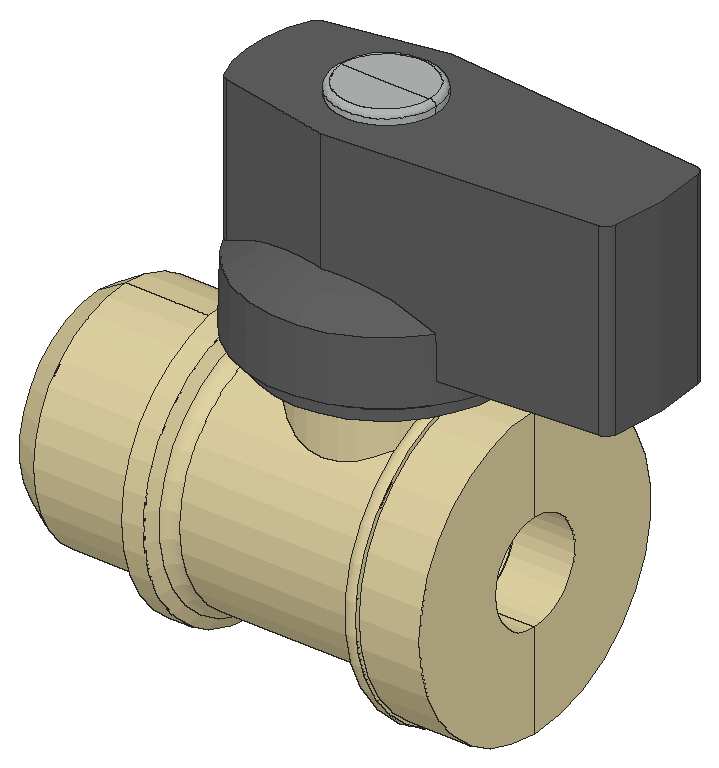
Revit family "QL23881015", category Apparecchi idraulici, Revit 2020
Family settings
  Quota connettore circolare = Usa diametro
  Tipo di parte = Normale
  Numero OmniClass = 23.45.00.00
  Titolo OmniClass = Sanitary, Laundry, and Cleaning Equipment
  Basato su piano di lavoro = No
  Sempre verticale = Sì
  Taglio con vuoti quando caricato = No
  Condiviso = No
  Punto di calcolo locali = No
Parameters
  URL = "https://web.cimberio.it/index.php/figura/156?subcategoria_id="
  Temperatura di esercizio = "-20 ÷ 90°C"
  Prospetto di default = 0 mm
  Produttore = "CIMBERIO SPA"
  Pressione nominale = "PN 16"
  Modello = "Cim 195"
  Materiale = "Prodotto in lega di ottone conforme alla norma EN 12165-CW617N-DW"
  Descrizione = "Realizzato in ottemperanza ai requisiti gestionali della norma EN ISO 9001.\r\nCollaudato al 100% secondo la normativa EN 12266-1.\r\nUtilizzato per impianti idraulici domestici e commerciali, impianti di riscaldamento come scarico caldaia"
  DN [instance] = 9 mm
  Type Comments = ""
Reference planes
  plane 1 "Centro (Fronte/Retro)": y = 0
  plane 2: z = 0
  plane 3 "Centro (Sinistra/Destra)": x = 0
Forms (mm)
  Revolve 1, solid, material "Cim_Lega di ottone gialla filetto"
    sketch origin (0, 0, 0) x (1, 0, 0) y (0, 0, 1)
      loop
        line (-26, 4.5) -> (-14, 4.5) -> (-14, 10.45) -> (-23.59, 10.45) -> (-26, 9.007) -> (-26, 4.5)
      axis (-26, 0) -> (-14, 0)
    angle from 0 to 360
  Revolve 2, solid, material "Cim_Lega di ottone gialla"
    sketch origin (0, 0, 0) x (1, 0, 0) y (0, 0, 1)
      loop
        line (-14, -4.5) -> (-14, -12.5) -> (-12, -12.5) -> (-11.423, -11.5)
        arc (-11.423, -11.5) -> (-10.874, -10.951) -> (-10.124, -10.75) r 1.5
        line (-10.124, -10.75) -> (5.412, -10.75) -> (6.711, -13)
        arc (6.711, -13) -> (7.277, -13.454) -> (8, -13.406) r 1
        line (8, -13.406) -> (8, -4.5) -> (-14, -4.5)
      axis (-14, 0) -> (8, 0)
    angle from 0 to 360
  Revolve 3, solid, material "Cim_Lega di ottone gialla filetto"
    sketch origin (0, 0, 0) x (1, 0, 0) y (0, 0, 1)
      loop
        line (8, 13.125) -> (8, 4.5) -> (13.5, 4.5) -> (13.5, 13.125) -> (8, 13.125)
      axis (8, 0) -> (13.5, 0)
    angle from 0 to 360
  Revolve 4, solid, material "Cim_Lega di ottone gialla"
    sketch origin (0, 0, 0) x (1, 0, 0) y (0, 0, 1)
      loop
        line (0, 18.3) -> (0, 7.255) -> (7.335, 7.255) -> (7.335, 16.85) -> (6.5, 16.85) -> (6.5, 18.3) -> (0, 18.3)
      axis (0, 18.3) -> (0, 7.255)
    angle from 0 to 360
  Revolve 5, solid, material "Cim_Gomma"
    sketch origin (0, 0, 0) x (1, 0, 0) y (0, 0, 1)
      loop
        line (0, 13.3) -> (0, 24.232)
        arc (0, 24.232) -> (-6.19, 23.617) -> (-11.799, 20.928) r 17.959
        line (-11.799, 20.928) -> (-11.9, 15.166) -> (-10.305, 14.245) -> (-10.305, 13.3) -> (0, 13.3)
      axis (0, 24.232) -> (0, 13.3)
    angle from 0 to 360
  Extrusion 6, solid, material "Cim_Gomma"
    sketch origin (0, 0, 0) x (1, 0, 0) y (0, 1, 0)
      loop
        arc (-10.06, 5.415) -> (-10.443, 5.242) -> (-10.723, 4.923) r 0.886
        arc (-10.723, 4.923) -> (-11.799, -0.045) -> (-10.672, -5) r 11.799
        arc (-10.672, -5) -> (-10.403, -5.334) -> (-10.012, -5.508) r 0.907
        arc (-10.012, -5.508) -> (-5.001, -6.428) -> (0.006, -7.374) r 970.03
        line (0.006, -7.374) -> (23.658, -5.5)
        arc (23.658, -5.5) -> (24.243, -5.247) -> (24.556, -4.691) r 1
        arc (24.556, -4.691) -> (25, 0) -> (24.556, 4.691) r 25
        arc (24.556, 4.691) -> (24.239, 5.25) -> (23.647, 5.501) r 1
        line (23.647, 5.501) -> (0.006, 7.374)
        arc (0.006, 7.374) -> (-5.024, 6.381) -> (-10.06, 5.415) r 970.804
    from 17.1 to 34.1
  Revolve 7, solid, material "Cim_Lega di ottone"
    sketch origin (0, 0, 0) x (1, 0, 0) y (0, 0, 1)
      loop
        line (4, 35.1) -> (0, 35.1) -> (0, 33.382) -> (4.5, 33.382) -> (4.5, 34.6)
        arc (4.5, 34.6) -> (4.354, 34.954) -> (4, 35.1) r 0.5
      axis (0, 35.1) -> (0, 33.382)
    angle from 0 to 360
Dimensions and locks
  aligned and locked: level to plane 2
Connectors
  piping at (13.5, 0, 0), diameter 9, driven by "DN"
    settings: on Revolve 3, index 1, connector inside diameter 609.6 mm, connector length 0 mm, flow factor 0, pipe flow 0.0 L/s, pressure drop 0.0 Pa, fitting loss kfactor 0, connector angle 0.00°, fixture units 0, engagement length 0 mm, angle of deflection 0.00°, flow configuration 0, flow direction 0, fitting loss method 0, system type 7, joint type 0, gender type 0, connector reference index -1, connector utility 0, adjustable connector no, is connector primary yes, connector description ""
  piping at (-26, 0, 0), diameter 9, driven by "DN"
    settings: on Revolve 1, index 2, connector inside diameter 609.6 mm, connector length 0 mm, flow factor 0, pipe flow 0.0 L/s, pressure drop 0.0 Pa, fitting loss kfactor 0, connector angle 0.00°, fixture units 0, engagement length 0 mm, angle of deflection 0.00°, flow configuration 0, flow direction 0, fitting loss method 0, system type 7, joint type 0, gender type 0, connector reference index -1, connector utility 0, adjustable connector no, is connector primary no, connector description ""
